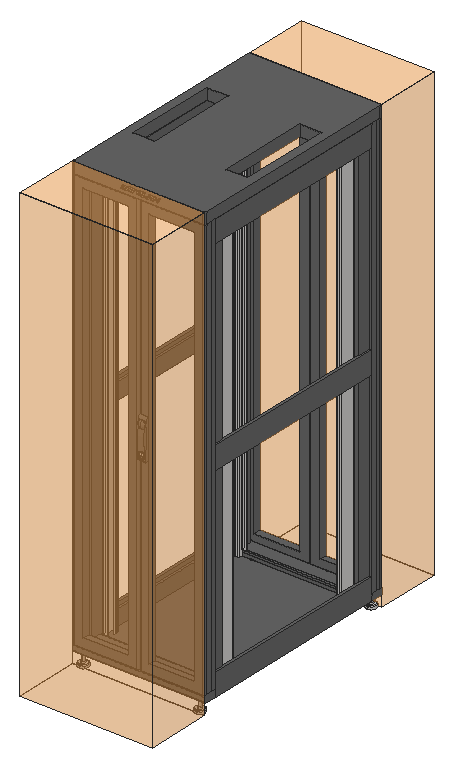
Revit family "Eurolan_Шкафы Rackcenter D9000", category Электрооборудование, Revit 2019 (continued)
Definition of nested family "in_Нижняя панель"
  Definition of nested family "in_Линии щеточного ввода"
    Automatic sketch dimensions
      curve 217 to curve 216 = 1.000 mm
      curve 216 to curve 215 = 1.000 mm
      curve 215 to curve 211 = 1.000 mm
      curve 211 to curve 212 = 1.000 mm
      curve 212 to curve 213 = 1.000 mm
      curve 213 to curve 214 = 1.000 mm
      curve 214 to curve 332 = 1.000 mm
      curve 332 to curve 333 = 1.000 mm
      curve 333 to curve 334 = 1.000 mm
      curve 334 to curve 335 = 1.000 mm
      curve 335 to curve 336 = 1.000 mm
      curve 336 to curve 337 = 1.000 mm
      curve 337 to curve 338 = 1.000 mm
      curve 338 to curve 339 = 1.000 mm
      curve 339 to curve 340 = 1.000 mm
      curve 340 to curve 341 = 1.000 mm
      curve 341 to curve 342 = 1.000 mm
      curve 342 to curve 343 = 1.000 mm
      curve 343 to curve 344 = 1.000 mm
      curve 344 to curve 345 = 1.000 mm
      curve 345 to curve 346 = 1.000 mm
      curve 346 to curve 347 = 1.000 mm
      curve 347 to curve 348 = 1.000 mm
      curve 348 to curve 349 = 1.000 mm
      curve 349 to curve 350 = 1.000 mm
      curve 350 to curve 351 = 1.000 mm
      curve 351 to curve 352 = 1.000 mm
      curve 352 to curve 353 = 1.000 mm
      curve 353 to curve 354 = 1.000 mm
      curve 354 to curve 355 = 1.000 mm
      curve 355 to curve 356 = 1.000 mm
      curve 356 to curve 357 = 1.000 mm
      curve 357 to curve 358 = 1.000 mm
      curve 358 to curve 359 = 1.000 mm
      curve 359 to curve 360 = 1.000 mm
      curve 360 to curve 361 = 1.000 mm
      curve 361 to curve 362 = 1.000 mm
      curve 362 to curve 363 = 1.000 mm
      curve 363 to curve 364 = 1.000 mm
      curve 364 to curve 365 = 1.000 mm
      curve 365 to curve 366 = 1.000 mm
      curve 366 to curve 367 = 1.000 mm
      curve 367 to curve 368 = 1.000 mm
      curve 368 to curve 369 = 1.000 mm
      curve 369 to curve 370 = 1.000 mm
      curve 370 to curve 371 = 1.000 mm
      curve 371 to curve 372 = 1.000 mm
      curve 372 to curve 373 = 1.000 mm
      curve 373 to curve 374 = 1.000 mm
      curve 374 to curve 375 = 1.000 mm
      curve 375 to curve 376 = 1.000 mm
      curve 376 to curve 377 = 1.000 mm
      curve 377 to curve 378 = 1.000 mm
      curve 378 to curve 379 = 1.000 mm
      curve 379 to curve 380 = 1.000 mm
      curve 380 to curve 381 = 1.000 mm
      curve 381 to curve 382 = 1.000 mm
      curve 382 to curve 383 = 1.000 mm
      curve 383 to curve 384 = 1.000 mm
      curve 384 to curve 385 = 1.000 mm
      curve 385 to curve 386 = 1.000 mm
      curve 386 to curve 387 = 1.000 mm
      curve 387 to curve 388 = 1.000 mm
      curve 388 to curve 389 = 1.000 mm
      curve 389 to curve 390 = 1.000 mm
      curve 390 to curve 391 = 1.000 mm
      curve 391 to curve 392 = 1.000 mm
      curve 392 to curve 393 = 1.000 mm
      curve 393 to curve 394 = 1.000 mm
      curve 394 to curve 395 = 1.000 mm
      curve 395 to curve 396 = 1.000 mm
      curve 396 to curve 397 = 1.000 mm
      curve 397 to curve 398 = 1.000 mm
      curve 398 to curve 399 = 1.000 mm
      curve 399 to curve 400 = 1.000 mm
      curve 400 to curve 401 = 1.000 mm
      curve 401 to curve 402 = 1.000 mm
      curve 402 to curve 403 = 1.000 mm
      curve 403 to curve 404 = 1.000 mm
      curve 404 to curve 405 = 1.000 mm
      curve 405 to curve 406 = 1.000 mm
      curve 406 to curve 407 = 1.000 mm
      curve 407 to curve 408 = 1.000 mm
      curve 408 to curve 409 = 1.000 mm
      curve 409 to curve 410 = 1.000 mm
      curve 410 to curve 411 = 1.000 mm
      curve 411 to curve 412 = 1.000 mm
      curve 412 to curve 413 = 1.000 mm
      curve 413 to curve 414 = 1.000 mm
      curve 414 to curve 415 = 1.000 mm
      curve 415 to curve 416 = 1.000 mm
      curve 416 to curve 417 = 1.000 mm
      curve 417 to curve 418 = 1.000 mm
      curve 418 to curve 419 = 1.000 mm
      plane 8 "x2" to curve 1 = 1.200 mm
      plane 8 "x2" to curve 417 = 1.200 mm
      curve 2 to curve 1 = 0.000 mm
      curve 416 to curve 417 = 0.000 mm  (x2)
      curve 3 to curve 2 = 0.000 mm  (x2)
      curve 415 to curve 416 = 0.000 mm  (x2)
      curve 4 to curve 3 = 0.000 mm  (x2)
      curve 414 to curve 415 = 0.000 mm  (x2)
      curve 1 to curve 5 = 0.000 mm  (x2)
      curve 413 to curve 414 = 0.000 mm  (x2)
      curve 5 to curve 6 = 0.000 mm  (x2)
      curve 412 to curve 413 = 0.000 mm  (x2)
      curve 6 to curve 7 = 0.000 mm  (x2)
      curve 411 to curve 412 = 0.000 mm  (x2)
      curve 7 to curve 8 = 0.000 mm  (x2)
      curve 410 to curve 411 = 0.000 mm  (x2)
      curve 8 to curve 9 = 0.000 mm  (x2)
      curve 409 to curve 410 = 0.000 mm  (x2)
      curve 9 to curve 10 = 0.000 mm  (x2)
      curve 408 to curve 409 = 0.000 mm  (x2)
      curve 10 to curve 11 = 0.000 mm  (x2)
      curve 407 to curve 408 = 0.000 mm  (x2)
      curve 11 to curve 12 = 0.000 mm  (x2)
      curve 406 to curve 407 = 0.000 mm  (x2)
      curve 12 to curve 13 = 0.000 mm  (x2)
      curve 405 to curve 406 = 0.000 mm  (x2)
      curve 13 to curve 14 = 0.000 mm  (x2)
      curve 404 to curve 405 = 0.000 mm  (x2)
      curve 14 to curve 15 = 0.000 mm  (x2)
      curve 403 to curve 404 = 0.000 mm  (x2)
      curve 15 to curve 16 = 0.000 mm  (x2)
      curve 402 to curve 403 = 0.000 mm  (x2)
      curve 16 to curve 17 = 0.000 mm  (x2)
      curve 401 to curve 402 = 0.000 mm  (x2)
      curve 17 to curve 18 = 0.000 mm  (x2)
      curve 400 to curve 401 = 0.000 mm  (x2)
      curve 18 to curve 19 = 0.000 mm  (x2)
      curve 399 to curve 400 = 0.000 mm  (x2)
      curve 19 to curve 20 = 0.000 mm  (x2)
      curve 398 to curve 399 = 0.000 mm  (x2)
      curve 20 to curve 21 = 0.000 mm  (x2)
      curve 397 to curve 398 = 0.000 mm  (x2)
      curve 21 to curve 22 = 0.000 mm  (x2)
      curve 396 to curve 397 = 0.000 mm  (x2)
      curve 22 to curve 23 = 0.000 mm  (x2)
      curve 395 to curve 396 = 0.000 mm  (x2)
      curve 23 to curve 24 = 0.000 mm  (x2)
      curve 394 to curve 395 = 0.000 mm  (x2)
      curve 24 to curve 25 = 0.000 mm  (x2)
      curve 393 to curve 394 = 0.000 mm  (x2)
      curve 25 to curve 26 = 0.000 mm  (x2)
      curve 392 to curve 393 = 0.000 mm  (x2)
      curve 26 to curve 27 = 0.000 mm  (x2)
      curve 391 to curve 392 = 0.000 mm  (x2)
      curve 27 to curve 28 = 0.000 mm  (x2)
      curve 390 to curve 391 = 0.000 mm  (x2)
      curve 28 to curve 29 = 0.000 mm  (x2)
      curve 389 to curve 390 = 0.000 mm  (x2)
      curve 29 to curve 30 = 0.000 mm  (x2)
      curve 388 to curve 389 = 0.000 mm  (x2)
      curve 30 to curve 31 = 0.000 mm  (x2)
      curve 387 to curve 388 = 0.000 mm  (x2)
      curve 31 to curve 32 = 0.000 mm  (x2)
      curve 386 to curve 387 = 0.000 mm  (x2)
      curve 32 to curve 33 = 0.000 mm  (x2)
      curve 385 to curve 386 = 0.000 mm  (x2)
      curve 33 to curve 34 = 0.000 mm  (x2)
      curve 384 to curve 385 = 0.000 mm  (x2)
      curve 34 to curve 35 = 0.000 mm  (x2)
      curve 383 to curve 384 = 0.000 mm  (x2)
      curve 35 to curve 36 = 0.000 mm  (x2)
      curve 382 to curve 383 = 0.000 mm  (x2)
      curve 36 to curve 37 = 0.000 mm  (x2)
      curve 381 to curve 382 = 0.000 mm  (x2)
      curve 37 to curve 38 = 0.000 mm  (x2)
      curve 380 to curve 381 = 0.000 mm  (x2)
      curve 38 to curve 39 = 0.000 mm  (x2)
      curve 379 to curve 380 = 0.000 mm  (x2)
      curve 39 to curve 40 = 0.000 mm  (x2)
      curve 378 to curve 379 = 0.000 mm  (x2)
      curve 40 to curve 41 = 0.000 mm  (x2)
      curve 377 to curve 378 = 0.000 mm  (x2)
      curve 41 to curve 42 = 0.000 mm  (x2)
      curve 376 to curve 377 = 0.000 mm  (x2)
      curve 42 to curve 43 = 0.000 mm  (x2)
      curve 375 to curve 376 = 0.000 mm  (x2)
      curve 43 to curve 44 = 0.000 mm  (x2)
      curve 374 to curve 375 = 0.000 mm  (x2)
      curve 44 to curve 45 = 0.000 mm  (x2)
      curve 373 to curve 374 = 0.000 mm  (x2)
      curve 45 to curve 46 = 0.000 mm  (x2)
      curve 372 to curve 373 = 0.000 mm  (x2)
      curve 46 to curve 47 = 0.000 mm  (x2)
      curve 371 to curve 372 = 0.000 mm  (x2)
      curve 47 to curve 48 = 0.000 mm  (x2)
      curve 370 to curve 371 = 0.000 mm  (x2)
      curve 48 to curve 49 = 0.000 mm  (x2)
      curve 369 to curve 370 = 0.000 mm  (x2)
      curve 49 to curve 50 = 0.000 mm  (x2)
      curve 368 to curve 369 = 0.000 mm  (x2)
      curve 50 to curve 51 = 0.000 mm  (x2)
      curve 367 to curve 368 = 0.000 mm  (x2)
      curve 51 to curve 52 = 0.000 mm  (x2)
      curve 366 to curve 367 = 0.000 mm  (x2)
      curve 52 to curve 53 = 0.000 mm  (x2)
      curve 365 to curve 366 = 0.000 mm  (x2)
      curve 53 to curve 54 = 0.000 mm  (x2)
      curve 364 to curve 365 = 0.000 mm  (x2)
      curve 54 to curve 55 = 0.000 mm  (x2)
      curve 363 to curve 364 = 0.000 mm  (x2)
      curve 55 to curve 56 = 0.000 mm  (x2)
      curve 362 to curve 363 = 0.000 mm  (x2)
      curve 56 to curve 57 = 0.000 mm  (x2)
      curve 361 to curve 362 = 0.000 mm  (x2)
      curve 57 to curve 58 = 0.000 mm  (x2)
      curve 360 to curve 361 = 0.000 mm  (x2)
      curve 58 to curve 59 = 0.000 mm  (x2)
      curve 359 to curve 360 = 0.000 mm  (x2)
      curve 59 to curve 60 = 0.000 mm  (x2)
      curve 358 to curve 359 = 0.000 mm  (x2)
      curve 60 to curve 61 = 0.000 mm  (x2)
      curve 357 to curve 358 = 0.000 mm  (x2)
      curve 61 to curve 62 = 0.000 mm  (x2)
      curve 356 to curve 357 = 0.000 mm  (x2)
      curve 62 to curve 63 = 0.000 mm  (x2)
      curve 355 to curve 356 = 0.000 mm  (x2)
      curve 63 to curve 64 = 0.000 mm  (x2)
      curve 354 to curve 355 = 0.000 mm  (x2)
      curve 64 to curve 65 = 0.000 mm  (x2)
      curve 353 to curve 354 = 0.000 mm  (x2)
      curve 65 to curve 66 = 0.000 mm  (x2)
      curve 352 to curve 353 = 0.000 mm  (x2)
      curve 66 to curve 67 = 0.000 mm  (x2)
      curve 351 to curve 352 = 0.000 mm  (x2)
      curve 67 to curve 68 = 0.000 mm  (x2)
      curve 350 to curve 351 = 0.000 mm  (x2)
      curve 68 to curve 69 = 0.000 mm  (x2)
      curve 349 to curve 350 = 0.000 mm  (x2)
      curve 69 to curve 70 = 0.000 mm  (x2)
      curve 348 to curve 349 = 0.000 mm  (x2)
      curve 70 to curve 71 = 0.000 mm  (x2)
      curve 347 to curve 348 = 0.000 mm  (x2)
      curve 71 to curve 72 = 0.000 mm  (x2)
      curve 346 to curve 347 = 0.000 mm  (x2)
      curve 72 to curve 73 = 0.000 mm  (x2)
      curve 345 to curve 346 = 0.000 mm  (x2)
      curve 73 to curve 74 = 0.000 mm  (x2)
      curve 344 to curve 345 = 0.000 mm  (x2)
      curve 74 to curve 75 = 0.000 mm  (x2)
      curve 343 to curve 344 = 0.000 mm  (x2)
      curve 75 to curve 76 = 0.000 mm  (x2)
      curve 342 to curve 343 = 0.000 mm  (x2)
      curve 76 to curve 77 = 0.000 mm  (x2)
      curve 341 to curve 342 = 0.000 mm  (x2)
      curve 77 to curve 78 = 0.000 mm  (x2)
      curve 340 to curve 341 = 0.000 mm  (x2)
      curve 78 to curve 79 = 0.000 mm  (x2)
      curve 339 to curve 340 = 0.000 mm  (x2)
      curve 79 to curve 80 = 0.000 mm  (x2)
      curve 338 to curve 339 = 0.000 mm  (x2)
      curve 80 to curve 81 = 0.000 mm  (x2)
      curve 337 to curve 338 = 0.000 mm  (x2)
      curve 81 to curve 82 = 0.000 mm  (x2)
      curve 336 to curve 337 = 0.000 mm  (x2)
      curve 82 to curve 83 = 0.000 mm  (x2)
      curve 335 to curve 336 = 0.000 mm  (x2)
      curve 83 to curve 84 = 0.000 mm  (x2)
      curve 334 to curve 335 = 0.000 mm  (x2)
      curve 84 to curve 85 = 0.000 mm  (x2)
      curve 333 to curve 334 = 0.000 mm  (x2)
      curve 85 to curve 86 = 0.000 mm  (x2)
      curve 332 to curve 333 = 0.000 mm  (x2)
      curve 86 to curve 87 = 0.000 mm  (x2)
      curve 87 to curve 88 = 0.000 mm  (x2)
      curve 88 to curve 89 = 0.000 mm  (x2)
      curve 331 to curve 330 = 0.000 mm  (x2)
      curve 89 to curve 90 = 0.000 mm  (x2)
      curve 330 to curve 329 = 0.000 mm  (x2)
      curve 90 to curve 91 = 0.000 mm  (x2)
      curve 329 to curve 328 = 0.000 mm  (x2)
      curve 91 to curve 92 = 0.000 mm  (x2)
      curve 328 to curve 327 = 0.000 mm  (x2)
      curve 92 to curve 93 = 0.000 mm  (x2)
      curve 327 to curve 326 = 0.000 mm  (x2)
      curve 93 to curve 94 = 0.000 mm  (x2)
      curve 326 to curve 325 = 0.000 mm  (x2)
      curve 94 to curve 95 = 0.000 mm  (x2)
      curve 325 to curve 324 = 0.000 mm  (x2)
      curve 95 to curve 96 = 0.000 mm  (x2)
      curve 324 to curve 323 = 0.000 mm  (x2)
      curve 96 to curve 97 = 0.000 mm  (x2)
      curve 323 to curve 322 = 0.000 mm  (x2)
      curve 97 to curve 98 = 0.000 mm  (x2)
      curve 322 to curve 321 = 0.000 mm  (x2)
      curve 98 to curve 99 = 0.000 mm  (x2)
      curve 321 to curve 320 = 0.000 mm  (x2)
      curve 99 to curve 100 = 0.000 mm  (x2)
      curve 320 to curve 319 = 0.000 mm  (x2)
      curve 100 to curve 101 = 0.000 mm  (x2)
      curve 319 to curve 318 = 0.000 mm  (x2)
      curve 101 to curve 102 = 0.000 mm  (x2)
      curve 318 to curve 317 = 0.000 mm  (x2)
      curve 102 to curve 103 = 0.000 mm  (x2)
      curve 317 to curve 316 = 0.000 mm  (x2)
      curve 103 to curve 104 = 0.000 mm  (x2)
      curve 316 to curve 315 = 0.000 mm  (x2)
      curve 104 to curve 105 = 0.000 mm  (x2)
      curve 315 to curve 314 = 0.000 mm  (x2)
      curve 105 to curve 106 = 0.000 mm  (x2)
      curve 314 to curve 313 = 0.000 mm  (x2)
      curve 106 to curve 107 = 0.000 mm  (x2)
      curve 313 to curve 312 = 0.000 mm  (x2)
      curve 107 to curve 108 = 0.000 mm  (x2)
      curve 312 to curve 311 = 0.000 mm  (x2)
      curve 108 to curve 109 = 0.000 mm  (x2)
      curve 311 to curve 310 = 0.000 mm  (x2)
      curve 109 to curve 110 = 0.000 mm  (x2)
      curve 310 to curve 309 = 0.000 mm  (x2)
      curve 110 to curve 111 = 0.000 mm  (x2)
      curve 309 to curve 308 = 0.000 mm  (x2)
      curve 111 to curve 112 = 0.000 mm  (x2)
      curve 308 to curve 307 = 0.000 mm  (x2)
      curve 112 to curve 113 = 0.000 mm  (x2)
      curve 307 to curve 306 = 0.000 mm  (x2)
      curve 113 to curve 114 = 0.000 mm  (x2)
      curve 306 to curve 305 = 0.000 mm  (x2)
      curve 114 to curve 115 = 0.000 mm  (x2)
      curve 305 to curve 304 = 0.000 mm  (x2)
      curve 115 to curve 116 = 0.000 mm  (x2)
      curve 304 to curve 303 = 0.000 mm  (x2)
      curve 116 to curve 117 = 0.000 mm  (x2)
      curve 303 to curve 302 = 0.000 mm  (x2)
      curve 117 to curve 118 = 0.000 mm  (x2)
      curve 302 to curve 301 = 0.000 mm  (x2)
      curve 118 to curve 119 = 0.000 mm  (x2)
      curve 301 to curve 300 = 0.000 mm  (x2)
      curve 119 to curve 120 = 0.000 mm  (x2)
      curve 300 to curve 299 = 0.000 mm  (x2)
      curve 120 to curve 121 = 0.000 mm  (x2)
      curve 299 to curve 298 = 0.000 mm  (x2)
      curve 298 to curve 297 = 0.000 mm  (x2)
      curve 123 to curve 4 = 0.000 mm  (x2)
      curve 297 to curve 296 = 0.000 mm  (x2)
      curve 124 to curve 123 = 0.000 mm  (x2)
      curve 296 to curve 295 = 0.000 mm  (x2)
      curve 125 to curve 124 = 0.000 mm  (x2)
      curve 295 to curve 294 = 0.000 mm  (x2)
      curve 126 to curve 125 = 0.000 mm  (x2)
      curve 294 to curve 293 = 0.000 mm  (x2)
      curve 127 to curve 126 = 0.000 mm  (x2)
      curve 293 to curve 292 = 0.000 mm  (x2)
      curve 128 to curve 127 = 0.000 mm  (x2)
      curve 292 to curve 291 = 0.000 mm  (x2)
      curve 129 to curve 128 = 0.000 mm  (x2)
      curve 291 to curve 290 = 0.000 mm  (x2)
      curve 130 to curve 129 = 0.000 mm  (x2)
      curve 290 to curve 289 = 0.000 mm  (x2)
      curve 131 to curve 130 = 0.000 mm  (x2)
      curve 289 to curve 288 = 0.000 mm  (x2)
      curve 132 to curve 131 = 0.000 mm  (x2)
      curve 288 to curve 287 = 0.000 mm  (x2)
      curve 133 to curve 132 = 0.000 mm  (x2)
      curve 287 to curve 286 = 0.000 mm  (x2)
      curve 134 to curve 133 = 0.000 mm  (x2)
      curve 286 to curve 285 = 0.000 mm  (x2)
      curve 135 to curve 134 = 0.000 mm  (x2)
      curve 285 to curve 284 = 0.000 mm  (x2)
      curve 136 to curve 135 = 0.000 mm  (x2)
      curve 284 to curve 283 = 0.000 mm  (x2)
      curve 137 to curve 136 = 0.000 mm  (x2)
      curve 283 to curve 282 = 0.000 mm  (x2)
      curve 138 to curve 137 = 0.000 mm  (x2)
      curve 282 to curve 281 = 0.000 mm  (x2)
      curve 139 to curve 138 = 0.000 mm  (x2)
      curve 281 to curve 280 = 0.000 mm  (x2)
      curve 140 to curve 139 = 0.000 mm  (x2)
      curve 280 to curve 279 = 0.000 mm  (x2)
      curve 141 to curve 140 = 0.000 mm  (x2)
      curve 279 to curve 278 = 0.000 mm  (x2)
      curve 142 to curve 141 = 0.000 mm  (x2)
      curve 278 to curve 277 = 0.000 mm  (x2)
      curve 143 to curve 142 = 0.000 mm  (x2)
      curve 277 to curve 276 = 0.000 mm  (x2)
      curve 144 to curve 143 = 0.000 mm  (x2)
      curve 276 to curve 275 = 0.000 mm  (x2)
      curve 145 to curve 144 = 0.000 mm  (x2)
      curve 275 to curve 274 = 0.000 mm  (x2)
      curve 146 to curve 145 = 0.000 mm  (x2)
      curve 274 to curve 273 = 0.000 mm  (x2)
      curve 147 to curve 146 = 0.000 mm  (x2)
      curve 273 to curve 272 = 0.000 mm  (x2)
      curve 148 to curve 147 = 0.000 mm  (x2)
      curve 272 to curve 271 = 0.000 mm  (x2)
      curve 149 to curve 148 = 0.000 mm  (x2)
      curve 271 to curve 270 = 0.000 mm  (x2)
      curve 150 to curve 149 = 0.000 mm  (x2)
      curve 270 to curve 269 = 0.000 mm  (x2)
      curve 151 to curve 150 = 0.000 mm  (x2)
      curve 269 to curve 268 = 0.000 mm  (x2)
      curve 152 to curve 151 = 0.000 mm  (x2)
      curve 268 to curve 267 = 0.000 mm  (x2)
      curve 153 to curve 152 = 0.000 mm  (x2)
      curve 267 to curve 266 = 0.000 mm  (x2)
      curve 154 to curve 153 = 0.000 mm  (x2)
      curve 266 to curve 265 = 0.000 mm  (x2)
      curve 155 to curve 154 = 0.000 mm  (x2)
      curve 265 to curve 264 = 0.000 mm  (x2)
      curve 156 to curve 155 = 0.000 mm  (x2)
      curve 264 to curve 263 = 0.000 mm  (x2)
      curve 157 to curve 156 = 0.000 mm  (x2)
      curve 263 to curve 262 = 0.000 mm  (x2)
      curve 158 to curve 157 = 0.000 mm  (x2)
      curve 262 to curve 261 = 0.000 mm  (x2)
      curve 159 to curve 158 = 0.000 mm  (x2)
      curve 261 to curve 260 = 0.000 mm  (x2)
      curve 160 to curve 159 = 0.000 mm  (x2)
      curve 260 to curve 259 = 0.000 mm  (x2)
      curve 161 to curve 160 = 0.000 mm  (x2)
      curve 259 to curve 258 = 0.000 mm  (x2)
      curve 162 to curve 161 = 0.000 mm  (x2)
      curve 258 to curve 257 = 0.000 mm  (x2)
      curve 163 to curve 162 = 0.000 mm  (x2)
      curve 257 to curve 256 = 0.000 mm  (x2)
      curve 164 to curve 163 = 0.000 mm  (x2)
      curve 256 to curve 255 = 0.000 mm  (x2)
      curve 165 to curve 164 = 0.000 mm  (x2)
      curve 255 to curve 254 = 0.000 mm  (x2)
      curve 166 to curve 165 = 0.000 mm  (x2)
      curve 254 to curve 253 = 0.000 mm  (x2)
      curve 167 to curve 166 = 0.000 mm  (x2)
      curve 253 to curve 252 = 0.000 mm  (x2)
      curve 168 to curve 167 = 0.000 mm  (x2)
      curve 252 to curve 251 = 0.000 mm  (x2)
      curve 169 to curve 168 = 0.000 mm  (x2)
      curve 251 to curve 250 = 0.000 mm  (x2)
      curve 170 to curve 169 = 0.000 mm  (x2)
      curve 250 to curve 249 = 0.000 mm  (x2)
      curve 171 to curve 170 = 0.000 mm  (x2)
      curve 249 to curve 248 = 0.000 mm  (x2)
      curve 172 to curve 171 = 0.000 mm  (x2)
      curve 248 to curve 247 = 0.000 mm  (x2)
      curve 173 to curve 172 = 0.000 mm  (x2)
      curve 247 to curve 246 = 0.000 mm  (x2)
      curve 174 to curve 173 = 0.000 mm  (x2)
      curve 246 to curve 245 = 0.000 mm  (x2)
      curve 175 to curve 174 = 0.000 mm  (x2)
      curve 245 to curve 244 = 0.000 mm  (x2)
      curve 176 to curve 175 = 0.000 mm  (x2)
      curve 244 to curve 243 = 0.000 mm  (x2)
      curve 177 to curve 176 = 0.000 mm  (x2)
      curve 243 to curve 242 = 0.000 mm  (x2)
      curve 178 to curve 177 = 0.000 mm  (x2)
      curve 242 to curve 241 = 0.000 mm  (x2)
      curve 179 to curve 178 = 0.000 mm  (x2)
      curve 241 to curve 240 = 0.000 mm  (x2)
      curve 180 to curve 179 = 0.000 mm  (x2)
      curve 240 to curve 239 = 0.000 mm  (x2)
      curve 181 to curve 180 = 0.000 mm  (x2)
      curve 239 to curve 238 = 0.000 mm  (x2)
      curve 182 to curve 181 = 0.000 mm  (x2)
      curve 238 to curve 237 = 0.000 mm  (x2)
      curve 183 to curve 182 = 0.000 mm  (x2)
      curve 237 to curve 236 = 0.000 mm  (x2)
      curve 184 to curve 183 = 0.000 mm  (x2)
      curve 236 to curve 235 = 0.000 mm  (x2)
      curve 185 to curve 184 = 0.000 mm  (x2)
      curve 235 to curve 234 = 0.000 mm  (x2)
      curve 186 to curve 185 = 0.000 mm  (x2)
      curve 234 to curve 233 = 0.000 mm  (x2)
      curve 187 to curve 186 = 0.000 mm  (x2)
      curve 233 to curve 232 = 0.000 mm  (x2)
      curve 188 to curve 187 = 0.000 mm  (x2)
      curve 232 to curve 231 = 0.000 mm  (x2)
      curve 189 to curve 188 = 0.000 mm  (x2)
      curve 231 to curve 230 = 0.000 mm  (x2)
      curve 190 to curve 189 = 0.000 mm  (x2)
      curve 230 to curve 229 = 0.000 mm  (x2)
      curve 191 to curve 190 = 0.000 mm  (x2)
      curve 229 to curve 228 = 0.000 mm  (x2)
      curve 192 to curve 191 = 0.000 mm  (x2)
      curve 228 to curve 227 = 0.000 mm  (x2)
      curve 193 to curve 192 = 0.000 mm  (x2)
      curve 227 to curve 226 = 0.000 mm  (x2)
      curve 194 to curve 193 = 0.000 mm  (x2)
      curve 226 to curve 225 = 0.000 mm  (x2)
      curve 195 to curve 194 = 0.000 mm  (x2)
      curve 225 to curve 224 = 0.000 mm  (x2)
      curve 196 to curve 195 = 0.000 mm  (x2)
      curve 224 to curve 223 = 0.000 mm  (x2)
      curve 197 to curve 196 = 0.000 mm  (x2)
      curve 223 to curve 222 = 0.000 mm  (x2)
      curve 198 to curve 197 = 0.000 mm  (x2)
      curve 222 to curve 221 = 0.000 mm  (x2)
      curve 199 to curve 198 = 0.000 mm  (x2)
      curve 221 to curve 220 = 0.000 mm  (x2)
      curve 200 to curve 199 = 0.000 mm  (x2)
      curve 220 to curve 219 = 0.000 mm  (x2)
      curve 201 to curve 200 = 0.000 mm  (x2)
      curve 219 to curve 218 = 0.000 mm  (x2)
      curve 202 to curve 201 = 0.000 mm  (x2)
      curve 218 to curve 217 = 0.000 mm  (x2)
      curve 203 to curve 202 = 0.000 mm  (x2)
      curve 217 to curve 216 = 0.000 mm  (x2)
      curve 204 to curve 203 = 0.000 mm  (x2)
      curve 216 to curve 215 = 0.000 mm  (x2)
      curve 205 to curve 204 = 0.000 mm  (x2)
      curve 214 to curve 332 = 0.000 mm  (x2)
      curve 206 to curve 205 = 0.000 mm  (x2)
      curve 213 to curve 214 = 0.000 mm  (x2)
      curve 207 to curve 206 = 0.000 mm  (x2)
      curve 212 to curve 213 = 0.000 mm  (x2)
      curve 208 to curve 207 = 0.000 mm  (x2)
      curve 215 to curve 211 = 0.000 mm  (x2)
      curve 209 to curve 208 = 0.000 mm  (x2)
      curve 210 to curve 209 = 0.000 mm  (x2)
      curve 417 to curve 418 = 0.000 mm  (x2)
      curve 211 to plane 7 "x1" = 1.200 mm
      curve 209 to plane 7 "x1" = 1.200 mm
      curve 211 to curve 212 = 0.000 mm
      curve 122 to plane 7 "x1" = 1.200 mm
      curve 121 to curve 122 = 0.000 mm  (x2)
      curve 418 to curve 419 = 0.000 mm
      plane 3 "По центру (Влево/Вправо)" to curve 331 = 1.000 mm
      plane 8 "x2" to curve 331 = 1.200 mm
Definition of nested family "in_Крыша"
  Parameters (values of type "in_Крыша")
    ADSK_Размер_Ширина [instance] = 600.000 mm
    ADSK_Размер_Глубина [instance] = 1000.000 mm
    ADSK_Размер_Высота [instance] = 2320.000 mm
    ADSK_Материал = none
  Reference planes
    plane 1 "По центру (Вперед/Назад)": y = 0
    plane 2: z = 0
    plane 3 "По центру (Влево/Вправо)": x = 0
    plane 4: x = -300
    plane 5: x = 300
    plane 6: z = 2320
    plane 7: y = 500
    plane 8: y = -500
  Forms (mm)
    Extrusion 1, solid
      sketch origin (-4.287, -139.142, 0) x (1, 0, 0) y (0, 0, 1)
        loop
          line (-274.571, 364.937) -> (-274.571, 214.937) -> (-248.571, 214.937) -> (-248.571, 364.937) -> (-274.571, 364.937)
      from 0 to 3
    Extrusion 2, solid
      sketch origin (0, -142.142, 0) x (1, 0, 0) y (0, 0, 1)
        loop
          arc (-266.858, 362.937) -> (-272.515, 360.593) -> (-274.858, 354.937) r 8
          line (-274.858, 354.937) -> (-274.858, 224.937) -> (-273.858, 224.937) -> (-273.858, 262.937) -> (-257.858, 262.937) -> (-257.858, 224.937) -> (-256.858, 224.937) -> (-256.858, 354.937)
          arc (-256.858, 354.937) -> (-259.201, 360.593) -> (-264.858, 362.937) r 8
          line (-264.858, 362.937) -> (-266.858, 362.937)
      from 0 to 2
    Extrusion 3, solid, material <- "ADSK_Материал"
      sketch origin (0, 0, 2127) x (1, 0, 0) y (0, 1, 0)
        loop
          arc (-290, 500) -> (-297.071, 497.071) -> (-300, 490) r 10
          line (-300, 490) -> (-300, -490)
          arc (-300, -490) -> (-297.071, -497.071) -> (-290, -500) r 10
          line (-290, -500) -> (290, -500)
          arc (290, -500) -> (297.071, -497.071) -> (300, -490) r 10
          line (300, -490) -> (300, 490)
          arc (300, 490) -> (297.071, 497.071) -> (290, 500) r 10
          line (290, 500) -> (-290, 500)
        loop
          line (-260, 210) -> (-260, -210) -> (-161.998, -210) -> (-161.998, 210) -> (-260, 210)
        loop
          line (260, 210) -> (161.998, 210) -> (161.998, -210) -> (260, -210) -> (260, 210)
      from 143 to 193
  Lines and regions (mm)
    model lines
      curve 1: line (-268.499, 447.064, 0) -> (-155.499, 447.064, 0)
      curve 2: line (-268.499, 306.064, 0) -> (-268.499, 447.064, 0)
      curve 3: line (-155.499, 306.064, 0) -> (-268.499, 306.064, 0)
      curve 4: line (-155.499, 447.064, 0) -> (-155.499, 306.064, 0)
      curve 5: line (-158.499, 309.064, 0) -> (-265.499, 309.064, 0)
      curve 6: line (-158.499, 444.064, 0) -> (-158.499, 309.064, 0)
      curve 7: line (-265.499, 444.064, 0) -> (-158.499, 444.064, 0)
      curve 8: line (-265.499, 309.064, 0) -> (-265.499, 444.064, 0)
      curve 9: line (-268, 447, 2320) -> (-155, 447, 2320)
      curve 10: line (-268, 306, 2320) -> (-268, 447, 2320)
      curve 11: line (-155, 306, 2320) -> (-268, 306, 2320)
      curve 12: line (-155, 447, 2320) -> (-155, 306, 2320)
      curve 13: line (-158, 309, 2320) -> (-265, 309, 2320)
      curve 14: line (-158, 444, 2320) -> (-158, 309, 2320)
      curve 15: line (-265, 444, 2320) -> (-158, 444, 2320)
      curve 16: line (-265, 309, 2320) -> (-265, 444, 2320)
      curve 17: line (268, 447, 2320) -> (155, 447, 2320)
      curve 18: line (268, 306, 2320) -> (268, 447, 2320)
      curve 19: line (155, 306, 2320) -> (268, 306, 2320)
      curve 20: line (155, 447, 2320) -> (155, 306, 2320)
      curve 21: line (158, 309, 2320) -> (265, 309, 2320)
      curve 22: line (158, 444, 2320) -> (158, 309, 2320)
      curve 23: line (265, 444, 2320) -> (158, 444, 2320)
      curve 24: line (265, 309, 2320) -> (265, 444, 2320)
      curve 25: line (-268, -447, 2320) -> (-155, -447, 2320)
      curve 26: line (-268, -306, 2320) -> (-268, -447, 2320)
      curve 27: line (-155, -306, 2320) -> (-268, -306, 2320)
      curve 28: line (-155, -447, 2320) -> (-155, -306, 2320)
      curve 29: line (-158, -309, 2320) -> (-265, -309, 2320)
      curve 30: line (-158, -444, 2320) -> (-158, -309, 2320)
      curve 31: line (-265, -444, 2320) -> (-158, -444, 2320)
      curve 32: line (-265, -309, 2320) -> (-265, -444, 2320)
      curve 33: line (268, -447, 2320) -> (155, -447, 2320)
      curve 34: line (268, -306, 2320) -> (268, -447, 2320)
      curve 35: line (155, -306, 2320) -> (268, -306, 2320)
      curve 36: line (155, -447, 2320) -> (155, -306, 2320)
      curve 37: line (158, -309, 2320) -> (265, -309, 2320)
      curve 38: line (158, -444, 2320) -> (158, -309, 2320)
      curve 39: line (265, -444, 2320) -> (158, -444, 2320)
      curve 40: line (265, -309, 2320) -> (265, -444, 2320)
  Dimensions and locks
    locked: Extrusion 1 sketch curve to Extrusion 1 sketch curve at 150
    locked: Extrusion 1 sketch curve to Extrusion 1 sketch curve at 26
    equal spacing: plane 4, plane 3 "По центру (Влево/Вправо)", plane 5
    "ADSK_Размер_Ширина": plane 4 to plane 5
    equal spacing: plane 8, plane 1 "По центру (Вперед/Назад)", plane 7
    "ADSK_Размер_Глубина": plane 8 to plane 7
    locked: Extrusion 3 sketch curve to Extrusion 3 sketch curve at 98.002  (x2)
    "ADSK_Размер_Высота": plane 6 to plane 2
    locked: Extrusion 3 to Extrusion 3 at 50
    locked: plane 4 to nested 1 at 40
    locked: nested 2 to plane 5 at 40
    locked: plane 1 "По центру (Вперед/Назад)" to nested 2 at 210
    locked: plane 1 "По центру (Вперед/Назад)" to nested 1 at 210
    locked: plane 6 to nested 3 at 25
    equal spacing: plane 4, nested 3, plane 5
    equal spacing: plane 4, nested 4, plane 5
    locked: nested 4 to plane 6 at 25
    locked: curve 9 to plane 7 at 53
    locked: curve 17 to plane 7 at 53
    locked: plane 4 to curve 10 at 32
    locked: curve 18 to plane 5 at 32
    locked: curve 25 to plane 8 at 53
    locked: curve 33 to plane 8 at 53
    locked: plane 4 to curve 26 at 32
    locked: curve 34 to plane 5 at 32
    aligned and locked: level to plane 2
    aligned and locked: plane 6 to nested 1
    aligned and locked: plane 6 to nested 2
    aligned and locked: plane 6 to Extrusion 3
    aligned and locked: curve 31 to plane 6
    aligned and locked: plane 6 to curve 13
    aligned and locked: plane 6 to curve 39
    aligned and locked: curve 21 to plane 6
  Automatic sketch dimensions
    Extrusion 3 sketch curve to plane 4 = 0.000 mm
    Extrusion 3 sketch curve to plane 8 = 0.000 mm
    plane 7 to Extrusion 3 sketch curve = 0.000 mm
    Extrusion 3 sketch curve to plane 5 = 0.000 mm
    Extrusion 3 sketch curve to plane 4 = 10.000 mm
    Extrusion 3 sketch curve to Extrusion 3 sketch curve = 10.000 mm
    Extrusion 3 sketch curve to plane 4 = 40.000 mm
    plane 5 to Extrusion 3 sketch curve = 138.002 mm
    plane 5 to Extrusion 3 sketch curve = 10.000 mm  (x2)
    plane 1 "По центру (Вперед/Назад)" to Extrusion 3 sketch curve = 210.000 mm  (x2)
    Extrusion 3 sketch curve to plane 1 "По центру (Вперед/Назад)" = 210.000 mm  (x2)
  Nested families
    nested 1: "in_Линии щеточного ввода" at (-211, 0, 2308) x (0, 1, 0) z (0, 0, 1), type "in_Линии щеточного ввода"
    nested 2: "in_Линии щеточного ввода" at (211, 0, 2308) x (0, 1, 0) z (0, 0, 1), type "in_Линии щеточного ввода"
    nested 3: "in_Логотип" at (0, -500, 2295) x (1, 0, 0) z (0, -1, 0), type "in_Логотип"
    nested 4: "in_Логотип" at (0, 500, 2295) x (-1, 0, 0) z (0, 1, 0), type "in_Логотип"
  Definition of nested family "in_Логотип"
    Parameters (values of type "in_Логотип")
      Default Elevation = 1219.200 mm
    Reference planes
      plane 1 "По центру (Вперед/Назад)": y = 0
      plane 2: z = 0
      plane 3 "По центру (Влево/Вправо)": x = 0
    Forms (mm)
      Extrusion 1, solid
        sketch origin (0, 0, 0) x (1, 0, 0) y (0, 1, 0)
          loop
            line (-1219.2, 1219.2) -> (-1219.2, -1219.2) -> (1219.2, -1219.2) -> (1219.2, 1219.2) -> (-1219.2, 1219.2)
        from 0 to -304.8
      Extrusion 2, solid
        sketch origin (-0.938, 0, 0) x (1, 0, 0) y (0, 1, 0)
          loop
            arc (-70.059, 8.58) -> (-72.037, 8.057) -> (-73.497, 6.625) r 4
            line (-73.497, 6.625) -> (-80.501, -5.144)
            arc (-80.501, -5.144) -> (-80.636, -6.518) -> (-79.665, -7.5) r 1.625
            line (-79.665, -7.5) -> (-60.911, -7.5)
            arc (-60.911, -7.5) -> (-58.931, -6.68) -> (-58.111, -4.7) r 2.8
            line (-58.111, -4.7) -> (-73.006, -4.7)
            arc (-73.006, -4.7) -> (-73.811, -3.872) -> (-73.678, -2.725) r 1.346
            line (-73.678, -2.725) -> (-72.531, -0.889) -> (-59.475, -0.889)
            arc (-59.475, -0.889) -> (-57.423, -0.08) -> (-56.473, 1.911) r 3.009
            line (-56.473, 1.911) -> (-70.781, 1.911) -> (-68.888, 4.94)
            arc (-68.888, 4.94) -> (-68.446, 5.444) -> (-67.866, 5.78) r 2.074
            line (-67.866, 5.78) -> (-52.866, 5.78)
            arc (-52.866, 5.78) -> (-50.864, 6.596) -> (-50.003, 8.58) r 2.864
            line (-50.003, 8.58) -> (-70.059, 8.58)
          loop
            arc (-56.199, -5.925) -> (-56.25, -6.904) -> (-55.471, -7.5) r 1.052
            line (-55.471, -7.5) -> (-36.538, -7.5)
            arc (-36.538, -7.5) -> (-34.983, -6.776) -> (-33.831, -5.505) r 4.331
            line (-33.831, -5.505) -> (-26.349, 7.068)
            arc (-26.349, 7.068) -> (-26.339, 8.074) -> (-27.209, 8.58) r 1
            line (-27.209, 8.58) -> (-30.965, 8.58) -> (-38.306, -3.725)
            arc (-38.306, -3.725) -> (-39.036, -4.439) -> (-40.023, -4.7) r 2
            line (-40.023, -4.7) -> (-48.19, -4.7)
            arc (-48.19, -4.7) -> (-48.974, -4.155) -> (-48.938, -3.2) r 0.995
            line (-48.938, -3.2) -> (-42.881, 6.938)
            arc (-42.881, 6.938) -> (-42.869, 8.03) -> (-43.813, 8.58) r 1.085
            line (-43.813, 8.58) -> (-47.568, 8.58) -> (-56.199, -5.925)
          loop
            arc (-31.262, -5.988) -> (-31.273, -6.994) -> (-30.403, -7.5) r 1
            line (-30.403, -7.5) -> (-26.413, -7.5) -> (-18.51, 5.78) -> (-6.227, 5.78)
            arc (-6.227, 5.78) -> (-4.247, 6.6) -> (-3.427, 8.58) r 2.8
            line (-3.427, 8.58) -> (-20.299, 8.58)
            arc (-20.299, 8.58) -> (-22.275, 8.058) -> (-23.735, 6.629) r 4
            line (-23.735, 6.629) -> (-31.262, -5.988)
          loop
            arc (-9.854, -5.233) -> (-9.869, -6.742) -> (-8.565, -7.5) r 1.5
            line (-8.565, -7.5) -> (9.16, -7.5)
            arc (9.16, -7.5) -> (11.137, -6.977) -> (12.597, -5.546) r 4
            line (12.597, -5.546) -> (19.654, 6.313)
            arc (19.654, 6.313) -> (19.669, 7.821) -> (18.365, 8.58) r 1.5
            line (18.365, 8.58) -> (15.425, 8.58) -> (4.058, 8.58) -> (-1.635, 8.58) -> (-9.854, -5.233)
          loop
            arc (-2.945, -3.189) -> (-2.955, -4.194) -> (-2.085, -4.7) r 1
            line (-2.085, -4.7) -> (6.385, -4.7)
            arc (6.385, -4.7) -> (7.374, -4.439) -> (8.104, -3.723) r 2
            line (8.104, -3.723) -> (12.859, 4.268)
            arc (12.859, 4.268) -> (12.869, 5.274) -> (12, 5.78) r 1
            line (12, 5.78) -> (3.529, 5.78)
            arc (3.529, 5.78) -> (2.541, 5.518) -> (1.811, 4.803) r 2
            line (1.811, 4.803) -> (-2.945, -3.189)
          loop
            arc (15.418, -5.233) -> (15.403, -6.742) -> (16.707, -7.5) r 1.5
            line (16.707, -7.5) -> (34.762, -7.5)
            arc (34.762, -7.5) -> (36.742, -6.68) -> (37.562, -4.7) r 2.8
            line (37.562, -4.7) -> (23.188, -4.7)
            arc (23.188, -4.7) -> (22.319, -4.194) -> (22.329, -3.189) r 1
            line (22.329, -3.189) -> (28.432, 7.068)
            arc (28.432, 7.068) -> (28.442, 8.074) -> (27.573, 8.58) r 1
            line (27.573, 8.58) -> (23.637, 8.58) -> (15.418, -5.233)
          loop
            arc (39.067, -5.989) -> (39.057, -6.994) -> (39.926, -7.5) r 1
            line (39.926, -7.5) -> (43.797, -7.5) -> (47.732, -0.889) -> (59.166, -0.889) -> (56.131, -5.989)
            arc (56.131, -5.989) -> (56.121, -6.994) -> (56.99, -7.5) r 1
            line (56.99, -7.5) -> (60.951, -7.5) -> (69.17, 6.313)
            arc (69.17, 6.313) -> (69.185, 7.821) -> (67.881, 8.58) r 1.5
            line (67.881, 8.58) -> (50.011, 8.58)
            arc (50.011, 8.58) -> (48.034, 8.057) -> (46.573, 6.625) r 4
            line (46.573, 6.625) -> (39.067, -5.989)
          loop
            arc (64.845, -5.989) -> (64.835, -6.994) -> (65.704, -7.5) r 1
            line (65.704, -7.5) -> (69.565, -7.5) -> (76.475, 4.112) -> (81.381, -6.907)
            arc (81.381, -6.907) -> (81.75, -7.339) -> (82.294, -7.5) r 1
            line (82.294, -7.5) -> (86.223, -7.5) -> (94.892, 7.068)
            arc (94.892, 7.068) -> (94.902, 8.074) -> (94.033, 8.58) r 1
            line (94.033, 8.58) -> (90.21, 8.58) -> (83.245, -3.124) -> (78.299, 7.986)
            arc (78.299, 7.986) -> (77.93, 8.418) -> (77.385, 8.58) r 1
            line (77.385, 8.58) -> (73.514, 8.58) -> (64.845, -5.989)
          loop
            arc (52.269, 5.78) -> (51.774, 5.649) -> (51.409, 5.291) r 1
            line (51.409, 5.291) -> (49.398, 1.911) -> (60.263, 1.911)
            arc (60.263, 1.911) -> (60.758, 2.042) -> (61.123, 2.4) r 1
            line (61.123, 2.4) -> (62.235, 4.268)
            arc (62.235, 4.268) -> (62.245, 5.274) -> (61.375, 5.78) r 1
            line (61.375, 5.78) -> (52.269, 5.78)
        from 0 to 2
    Dimensions and locks
      aligned and locked: plane 2 to Extrusion 1
      aligned and locked: level to Extrusion 1
  Definition of nested family "in_Линии щеточного ввода"
    Parameters (values of type "in_Линии щеточного ввода")
      URL = ""
      ADSK_Размер_Ширина = 420.000 mm
      ADSK_Размер_Высота = 98.000 mm
      ADSK_Материал = none
    Reference planes
      plane 1 "По центру (Вперед/Назад)": y = 0
      plane 2: z = 0
      plane 3 "По центру (Влево/Вправо)": x = 0
      plane 4 "l1": x = 210
      plane 5 "r1": x = -210
      plane 6 "cc": z = 12
      plane 7 "x1": y = 49
      plane 8 "x2": y = -49
    Lines and regions (mm)
      model lines, detail levels fine
        curve 1: line (-118, 47.8, 9.8) -> (-118, -47.8, 9.8)
        curve 2: line (-119, 47.8, 9.8) -> (-119, -47.8, 9.8)
        curve 3: line (-120, 47.8, 9.8) -> (-120, -47.8, 9.8)
        curve 4: line (-121, 47.8, 9.8) -> (-121, -47.8, 9.8)
        curve 5: line (-117, 47.8, 9.8) -> (-117, -47.8, 9.8)
        curve 6: line (-116, 47.8, 9.8) -> (-116, -47.8, 9.8)
        curve 7: line (-115, 47.8, 9.8) -> (-115, -47.8, 9.8)
        curve 8: line (-114, 47.8, 9.8) -> (-114, -47.8, 9.8)
        curve 9: line (-113, 47.8, 9.8) -> (-113, -47.8, 9.8)
        curve 10: line (-112, 47.8, 9.8) -> (-112, -47.8, 9.8)
        curve 11: line (-111, 47.8, 9.8) -> (-111, -47.8, 9.8)
        curve 12: line (-110, 47.8, 9.8) -> (-110, -47.8, 9.8)
        curve 13: line (-109, 47.8, 9.8) -> (-109, -47.8, 9.8)
        curve 14: line (-108, 47.8, 9.8) -> (-108, -47.8, 9.8)
        curve 15: line (-107, 47.8, 9.8) -> (-107, -47.8, 9.8)
        curve 16: line (-106, 47.8, 9.8) -> (-106, -47.8, 9.8)
        curve 17: line (-105, 47.8, 9.8) -> (-105, -47.8, 9.8)
        curve 18: line (-104, 47.8, 9.8) -> (-104, -47.8, 9.8)
        curve 19: line (-103, 47.8, 9.8) -> (-103, -47.8, 9.8)
        curve 20: line (-102, 47.8, 9.8) -> (-102, -47.8, 9.8)
        curve 21: line (-101, 47.8, 9.8) -> (-101, -47.8, 9.8)
        curve 22: line (-100, 47.8, 9.8) -> (-100, -47.8, 9.8)
        curve 23: line (-99, 47.8, 9.8) -> (-99, -47.8, 9.8)
        curve 24: line (-98, 47.8, 9.8) -> (-98, -47.8, 9.8)
        curve 25: line (-97, 47.8, 9.8) -> (-97, -47.8, 9.8)
        curve 26: line (-96, 47.8, 9.8) -> (-96, -47.8, 9.8)
        curve 27: line (-95, 47.8, 9.8) -> (-95, -47.8, 9.8)
        curve 28: line (-94, 47.8, 9.8) -> (-94, -47.8, 9.8)
        curve 29: line (-93, 47.8, 9.8) -> (-93, -47.8, 9.8)
        curve 30: line (-92, 47.8, 9.8) -> (-92, -47.8, 9.8)
        curve 31: line (-91, 47.8, 9.8) -> (-91, -47.8, 9.8)
        curve 32: line (-90, 47.8, 9.8) -> (-90, -47.8, 9.8)
        curve 33: line (-89, 47.8, 9.8) -> (-89, -47.8, 9.8)
        curve 34: line (-88, 47.8, 9.8) -> (-88, -47.8, 9.8)
        curve 35: line (-87, 47.8, 9.8) -> (-87, -47.8, 9.8)
        curve 36: line (-86, 47.8, 9.8) -> (-86, -47.8, 9.8)
        curve 37: line (-85, 47.8, 9.8) -> (-85, -47.8, 9.8)
        curve 38: line (-84, 47.8, 9.8) -> (-84, -47.8, 9.8)
        curve 39: line (-83, 47.8, 9.8) -> (-83, -47.8, 9.8)
        curve 40: line (-82, 47.8, 9.8) -> (-82, -47.8, 9.8)
        curve 41: line (-81, 47.8, 9.8) -> (-81, -47.8, 9.8)
        curve 42: line (-80, 47.8, 9.8) -> (-80, -47.8, 9.8)
        curve 43: line (-79, 47.8, 9.8) -> (-79, -47.8, 9.8)
        curve 44: line (-78, 47.8, 9.8) -> (-78, -47.8, 9.8)
        curve 45: line (-77, 47.8, 9.8) -> (-77, -47.8, 9.8)
        curve 46: line (-76, 47.8, 9.8) -> (-76, -47.8, 9.8)
        curve 47: line (-75, 47.8, 9.8) -> (-75, -47.8, 9.8)
        curve 48: line (-74, 47.8, 9.8) -> (-74, -47.8, 9.8)
        curve 49: line (-73, 47.8, 9.8) -> (-73, -47.8, 9.8)
        curve 50: line (-72, 47.8, 9.8) -> (-72, -47.8, 9.8)
        curve 51: line (-71, 47.8, 9.8) -> (-71, -47.8, 9.8)
        curve 52: line (-70, 47.8, 9.8) -> (-70, -47.8, 9.8)
        curve 53: line (-69, 47.8, 9.8) -> (-69, -47.8, 9.8)
        curve 54: line (-68, 47.8, 9.8) -> (-68, -47.8, 9.8)
        curve 55: line (-67, 47.8, 9.8) -> (-67, -47.8, 9.8)
        curve 56: line (-66, 47.8, 9.8) -> (-66, -47.8, 9.8)
        curve 57: line (-65, 47.8, 9.8) -> (-65, -47.8, 9.8)
        curve 58: line (-64, 47.8, 9.8) -> (-64, -47.8, 9.8)
        curve 59: line (-63, 47.8, 9.8) -> (-63, -47.8, 9.8)
        curve 60: line (-62, 47.8, 9.8) -> (-62, -47.8, 9.8)
        curve 61: line (-61, 47.8, 9.8) -> (-61, -47.8, 9.8)
        curve 62: line (-60, 47.8, 9.8) -> (-60, -47.8, 9.8)
        curve 63: line (-59, 47.8, 9.8) -> (-59, -47.8, 9.8)
        curve 64: line (-58, 47.8, 9.8) -> (-58, -47.8, 9.8)
        curve 65: line (-57, 47.8, 9.8) -> (-57, -47.8, 9.8)
        curve 66: line (-56, 47.8, 9.8) -> (-56, -47.8, 9.8)
        curve 67: line (-55, 47.8, 9.8) -> (-55, -47.8, 9.8)
        curve 68: line (-54, 47.8, 9.8) -> (-54, -47.8, 9.8)
        curve 69: line (-53, 47.8, 9.8) -> (-53, -47.8, 9.8)
        curve 70: line (-52, 47.8, 9.8) -> (-52, -47.8, 9.8)
        curve 71: line (-51, 47.8, 9.8) -> (-51, -47.8, 9.8)
        curve 72: line (-50, 47.8, 9.8) -> (-50, -47.8, 9.8)
        curve 73: line (-49, 47.8, 9.8) -> (-49, -47.8, 9.8)
        curve 74: line (-48, 47.8, 9.8) -> (-48, -47.8, 9.8)
        curve 75: line (-47, 47.8, 9.8) -> (-47, -47.8, 9.8)
        curve 76: line (-46, 47.8, 9.8) -> (-46, -47.8, 9.8)
        curve 77: line (-45, 47.8, 9.8) -> (-45, -47.8, 9.8)
        curve 78: line (-44, 47.8, 9.8) -> (-44, -47.8, 9.8)
        curve 79: line (-43, 47.8, 9.8) -> (-43, -47.8, 9.8)
        curve 80: line (-42, 47.8, 9.8) -> (-42, -47.8, 9.8)
        curve 81: line (-41, 47.8, 9.8) -> (-41, -47.8, 9.8)
        curve 82: line (-40, 47.8, 9.8) -> (-40, -47.8, 9.8)
        curve 83: line (-39, 47.8, 9.8) -> (-39, -47.8, 9.8)
        curve 84: line (-38, 47.8, 9.8) -> (-38, -47.8, 9.8)
        curve 85: line (-37, 47.8, 9.8) -> (-37, -47.8, 9.8)
        curve 86: line (-36, 47.8, 9.8) -> (-36, -47.8, 9.8)
        curve 87: line (-35, 47.8, 9.8) -> (-35, -47.8, 9.8)
        curve 88: line (-34, 47.8, 9.8) -> (-34, -47.8, 9.8)
        curve 89: line (-33, 47.8, 9.8) -> (-33, -47.8, 9.8)
        curve 90: line (-32, 47.8, 9.8) -> (-32, -47.8, 9.8)
        curve 91: line (-31, 47.8, 9.8) -> (-31, -47.8, 9.8)
        curve 92: line (-30, 47.8, 9.8) -> (-30, -47.8, 9.8)
        curve 93: line (-29, 47.8, 9.8) -> (-29, -47.8, 9.8)
        curve 94: line (-28, 47.8, 9.8) -> (-28, -47.8, 9.8)
        curve 95: line (-27, 47.8, 9.8) -> (-27, -47.8, 9.8)
        curve 96: line (-26, 47.8, 9.8) -> (-26, -47.8, 9.8)
        curve 97: line (-25, 47.8, 9.8) -> (-25, -47.8, 9.8)
        curve 98: line (-24, 47.8, 9.8) -> (-24, -47.8, 9.8)
        curve 99: line (-23, 47.8, 9.8) -> (-23, -47.8, 9.8)
        curve 100: line (-22, 47.8, 9.8) -> (-22, -47.8, 9.8)
        curve 101: line (-21, 47.8, 9.8) -> (-21, -47.8, 9.8)
        curve 102: line (-20, 47.8, 9.8) -> (-20, -47.8, 9.8)
        curve 103: line (-19, 47.8, 9.8) -> (-19, -47.8, 9.8)
        curve 104: line (-18, 47.8, 9.8) -> (-18, -47.8, 9.8)
        curve 105: line (-17, 47.8, 9.8) -> (-17, -47.8, 9.8)
        curve 106: line (-16, 47.8, 9.8) -> (-16, -47.8, 9.8)
        curve 107: line (-15, 47.8, 9.8) -> (-15, -47.8, 9.8)
        curve 108: line (-14, 47.8, 9.8) -> (-14, -47.8, 9.8)
        curve 109: line (-13, 47.8, 9.8) -> (-13, -47.8, 9.8)
        curve 110: line (-12, 47.8, 9.8) -> (-12, -47.8, 9.8)
        curve 111: line (-11, 47.8, 9.8) -> (-11, -47.8, 9.8)
        curve 112: line (-10, 47.8, 9.8) -> (-10, -47.8, 9.8)
        curve 113: line (-9, 47.8, 9.8) -> (-9, -47.8, 9.8)
        curve 114: line (-8, 47.8, 9.8) -> (-8, -47.8, 9.8)
        curve 115: line (-7, 47.8, 9.8) -> (-7, -47.8, 9.8)
        curve 116: line (-6, 47.8, 9.8) -> (-6, -47.8, 9.8)
        curve 117: line (-5, 47.8, 9.8) -> (-5, -47.8, 9.8)
        curve 118: line (-4, 47.8, 9.8) -> (-4, -47.8, 9.8)
        curve 119: line (-3, 47.8, 9.8) -> (-3, -47.8, 9.8)
        curve 120: line (-2, 47.8, 9.8) -> (-2, -47.8, 9.8)
        curve 121: line (-1, 47.8, 9.8) -> (-1, -47.8, 9.8)
        curve 122: line (0, 47.8, 9.8) -> (0, -47.8, 9.8)
        curve 123: line (-122, 47.8, 9.8) -> (-122, -47.8, 9.8)
        curve 124: line (-123, 47.8, 9.8) -> (-123, -47.8, 9.8)
        curve 125: line (-124, 47.8, 9.8) -> (-124, -47.8, 9.8)
        curve 126: line (-125, 47.8, 9.8) -> (-125, -47.8, 9.8)
        curve 127: line (-126, 47.8, 9.8) -> (-126, -47.8, 9.8)
        curve 128: line (-127, 47.8, 9.8) -> (-127, -47.8, 9.8)
        curve 129: line (-128, 47.8, 9.8) -> (-128, -47.8, 9.8)
        curve 130: line (-129, 47.8, 9.8) -> (-129, -47.8, 9.8)
        curve 131: line (-130, 47.8, 9.8) -> (-130, -47.8, 9.8)
        curve 132: line (-131, 47.8, 9.8) -> (-131, -47.8, 9.8)
        curve 133: line (-132, 47.8, 9.8) -> (-132, -47.8, 9.8)
        curve 134: line (-133, 47.8, 9.8) -> (-133, -47.8, 9.8)
        curve 135: line (-134, 47.8, 9.8) -> (-134, -47.8, 9.8)
        curve 136: line (-135, 47.8, 9.8) -> (-135, -47.8, 9.8)
        curve 137: line (-136, 47.8, 9.8) -> (-136, -47.8, 9.8)
        curve 138: line (-137, 47.8, 9.8) -> (-137, -47.8, 9.8)
        curve 139: line (-138, 47.8, 9.8) -> (-138, -47.8, 9.8)
        curve 140: line (-139, 47.8, 9.8) -> (-139, -47.8, 9.8)
        curve 141: line (-140, 47.8, 9.8) -> (-140, -47.8, 9.8)
        curve 142: line (-141, 47.8, 9.8) -> (-141, -47.8, 9.8)
        curve 143: line (-142, 47.8, 9.8) -> (-142, -47.8, 9.8)
        curve 144: line (-143, 47.8, 9.8) -> (-143, -47.8, 9.8)
        curve 145: line (-144, 47.8, 9.8) -> (-144, -47.8, 9.8)
        curve 146: line (-145, 47.8, 9.8) -> (-145, -47.8, 9.8)
        curve 147: line (-146, 47.8, 9.8) -> (-146, -47.8, 9.8)
        curve 148: line (-147, 47.8, 9.8) -> (-147, -47.8, 9.8)
        curve 149: line (-148, 47.8, 9.8) -> (-148, -47.8, 9.8)
        curve 150: line (-149, 47.8, 9.8) -> (-149, -47.8, 9.8)
        curve 151: line (-150, 47.8, 9.8) -> (-150, -47.8, 9.8)
        curve 152: line (-151, 47.8, 9.8) -> (-151, -47.8, 9.8)
        curve 153: line (-152, 47.8, 9.8) -> (-152, -47.8, 9.8)
        curve 154: line (-153, 47.8, 9.8) -> (-153, -47.8, 9.8)
        curve 155: line (-154, 47.8, 9.8) -> (-154, -47.8, 9.8)
        curve 156: line (-155, 47.8, 9.8) -> (-155, -47.8, 9.8)
        curve 157: line (-156, 47.8, 9.8) -> (-156, -47.8, 9.8)
        curve 158: line (-157, 47.8, 9.8) -> (-157, -47.8, 9.8)
        curve 159: line (-158, 47.8, 9.8) -> (-158, -47.8, 9.8)
        curve 160: line (-159, 47.8, 9.8) -> (-159, -47.8, 9.8)
        curve 161: line (-160, 47.8, 9.8) -> (-160, -47.8, 9.8)
        curve 162: line (-161, 47.8, 9.8) -> (-161, -47.8, 9.8)
        curve 163: line (-162, 47.8, 9.8) -> (-162, -47.8, 9.8)
        curve 164: line (-163, 47.8, 9.8) -> (-163, -47.8, 9.8)
        curve 165: line (-164, 47.8, 9.8) -> (-164, -47.8, 9.8)
        curve 166: line (-165, 47.8, 9.8) -> (-165, -47.8, 9.8)
        curve 167: line (-166, 47.8, 9.8) -> (-166, -47.8, 9.8)
        curve 168: line (-167, 47.8, 9.8) -> (-167, -47.8, 9.8)
        curve 169: line (-168, 47.8, 9.8) -> (-168, -47.8, 9.8)
        curve 170: line (-169, 47.8, 9.8) -> (-169, -47.8, 9.8)
        curve 171: line (-170, 47.8, 9.8) -> (-170, -47.8, 9.8)
        curve 172: line (-171, 47.8, 9.8) -> (-171, -47.8, 9.8)
        curve 173: line (-172, 47.8, 9.8) -> (-172, -47.8, 9.8)
        curve 174: line (-173, 47.8, 9.8) -> (-173, -47.8, 9.8)
        curve 175: line (-174, 47.8, 9.8) -> (-174, -47.8, 9.8)
        curve 176: line (-175, 47.8, 9.8) -> (-175, -47.8, 9.8)
        curve 177: line (-176, 47.8, 9.8) -> (-176, -47.8, 9.8)
        curve 178: line (-177, 47.8, 9.8) -> (-177, -47.8, 9.8)
        curve 179: line (-178, 47.8, 9.8) -> (-178, -47.8, 9.8)
        curve 180: line (-179, 47.8, 9.8) -> (-179, -47.8, 9.8)
        curve 181: line (-180, 47.8, 9.8) -> (-180, -47.8, 9.8)
        curve 182: line (-181, 47.8, 9.8) -> (-181, -47.8, 9.8)
        curve 183: line (-182, 47.8, 9.8) -> (-182, -47.8, 9.8)
        curve 184: line (-183, 47.8, 9.8) -> (-183, -47.8, 9.8)
        curve 185: line (-184, 47.8, 9.8) -> (-184, -47.8, 9.8)
        curve 186: line (-185, 47.8, 9.8) -> (-185, -47.8, 9.8)
        curve 187: line (-186, 47.8, 9.8) -> (-186, -47.8, 9.8)
        curve 188: line (-187, 47.8, 9.8) -> (-187, -47.8, 9.8)
        curve 189: line (-188, 47.8, 9.8) -> (-188, -47.8, 9.8)
        curve 190: line (-189, 47.8, 9.8) -> (-189, -47.8, 9.8)
        curve 191: line (-190, 47.8, 9.8) -> (-190, -47.8, 9.8)
        curve 192: line (-191, 47.8, 9.8) -> (-191, -47.8, 9.8)
        curve 193: line (-192, 47.8, 9.8) -> (-192, -47.8, 9.8)
        curve 194: line (-193, 47.8, 9.8) -> (-193, -47.8, 9.8)
        curve 195: line (-194, 47.8, 9.8) -> (-194, -47.8, 9.8)
        curve 196: line (-195, 47.8, 9.8) -> (-195, -47.8, 9.8)
        curve 197: line (-196, 47.8, 9.8) -> (-196, -47.8, 9.8)
        curve 198: line (-197, 47.8, 9.8) -> (-197, -47.8, 9.8)
        curve 199: line (-198, 47.8, 9.8) -> (-198, -47.8, 9.8)
        curve 200: line (-199, 47.8, 9.8) -> (-199, -47.8, 9.8)
        curve 201: line (-200, 47.8, 9.8) -> (-200, -47.8, 9.8)
        curve 202: line (-201, 47.8, 9.8) -> (-201, -47.8, 9.8)
        curve 203: line (-202, 47.8, 9.8) -> (-202, -47.8, 9.8)
        curve 204: line (-203, 47.8, 9.8) -> (-203, -47.8, 9.8)
        curve 205: line (-204, 47.8, 9.8) -> (-204, -47.8, 9.8)
        curve 206: line (-205, 47.8, 9.8) -> (-205, -47.8, 9.8)
        curve 207: line (-206, 47.8, 9.8) -> (-206, -47.8, 9.8)
        curve 208: line (-207, 47.8, 9.8) -> (-207, -47.8, 9.8)
        curve 209: line (-208, 47.8, 9.8) -> (-208, -47.8, 9.8)
        curve 210: line (-209, 47.8, 9.8) -> (-209, -47.8, 9.8)
        curve 211: line (118, 47.8, 9.8) -> (118, -47.8, 9.8)
        curve 212: line (119, 47.8, 9.8) -> (119, -47.8, 9.8)
        curve 213: line (120, 47.8, 9.8) -> (120, -47.8, 9.8)
        curve 214: line (121, 47.8, 9.8) -> (121, -47.8, 9.8)
        curve 215: line (117, 47.8, 9.8) -> (117, -47.8, 9.8)
        curve 216: line (116, 47.8, 9.8) -> (116, -47.8, 9.8)
        curve 217: line (115, 47.8, 9.8) -> (115, -47.8, 9.8)
        curve 218: line (114, 47.8, 9.8) -> (114, -47.8, 9.8)
        curve 219: line (113, 47.8, 9.8) -> (113, -47.8, 9.8)
        curve 220: line (112, 47.8, 9.8) -> (112, -47.8, 9.8)
        curve 221: line (111, 47.8, 9.8) -> (111, -47.8, 9.8)
        curve 222: line (110, 47.8, 9.8) -> (110, -47.8, 9.8)
        curve 223: line (109, 47.8, 9.8) -> (109, -47.8, 9.8)
        curve 224: line (108, 47.8, 9.8) -> (108, -47.8, 9.8)
        curve 225: line (107, 47.8, 9.8) -> (107, -47.8, 9.8)
        curve 226: line (106, 47.8, 9.8) -> (106, -47.8, 9.8)
        curve 227: line (105, 47.8, 9.8) -> (105, -47.8, 9.8)
        curve 228: line (104, 47.8, 9.8) -> (104, -47.8, 9.8)
        curve 229: line (103, 47.8, 9.8) -> (103, -47.8, 9.8)
        curve 230: line (102, 47.8, 9.8) -> (102, -47.8, 9.8)
        curve 231: line (101, 47.8, 9.8) -> (101, -47.8, 9.8)
        curve 232: line (100, 47.8, 9.8) -> (100, -47.8, 9.8)
        curve 233: line (99, 47.8, 9.8) -> (99, -47.8, 9.8)
        curve 234: line (98, 47.8, 9.8) -> (98, -47.8, 9.8)
        curve 235: line (97, 47.8, 9.8) -> (97, -47.8, 9.8)
        curve 236: line (96, 47.8, 9.8) -> (96, -47.8, 9.8)
        curve 237: line (95, 47.8, 9.8) -> (95, -47.8, 9.8)
        curve 238: line (94, 47.8, 9.8) -> (94, -47.8, 9.8)
        curve 239: line (93, 47.8, 9.8) -> (93, -47.8, 9.8)
        curve 240: line (92, 47.8, 9.8) -> (92, -47.8, 9.8)
        curve 241: line (91, 47.8, 9.8) -> (91, -47.8, 9.8)
        curve 242: line (90, 47.8, 9.8) -> (90, -47.8, 9.8)
        curve 243: line (89, 47.8, 9.8) -> (89, -47.8, 9.8)
        curve 244: line (88, 47.8, 9.8) -> (88, -47.8, 9.8)
        curve 245: line (87, 47.8, 9.8) -> (87, -47.8, 9.8)
        curve 246: line (86, 47.8, 9.8) -> (86, -47.8, 9.8)
        curve 247: line (85, 47.8, 9.8) -> (85, -47.8, 9.8)
        curve 248: line (84, 47.8, 9.8) -> (84, -47.8, 9.8)
        curve 249: line (83, 47.8, 9.8) -> (83, -47.8, 9.8)
        curve 250: line (82, 47.8, 9.8) -> (82, -47.8, 9.8)
        curve 251: line (81, 47.8, 9.8) -> (81, -47.8, 9.8)
        curve 252: line (80, 47.8, 9.8) -> (80, -47.8, 9.8)
        curve 253: line (79, 47.8, 9.8) -> (79, -47.8, 9.8)
        curve 254: line (78, 47.8, 9.8) -> (78, -47.8, 9.8)
        curve 255: line (77, 47.8, 9.8) -> (77, -47.8, 9.8)
        curve 256: line (76, 47.8, 9.8) -> (76, -47.8, 9.8)
        curve 257: line (75, 47.8, 9.8) -> (75, -47.8, 9.8)
        curve 258: line (74, 47.8, 9.8) -> (74, -47.8, 9.8)
        curve 259: line (73, 47.8, 9.8) -> (73, -47.8, 9.8)
        curve 260: line (72, 47.8, 9.8) -> (72, -47.8, 9.8)
        curve 261: line (71, 47.8, 9.8) -> (71, -47.8, 9.8)
        curve 262: line (70, 47.8, 9.8) -> (70, -47.8, 9.8)
        curve 263: line (69, 47.8, 9.8) -> (69, -47.8, 9.8)
        curve 264: line (68, 47.8, 9.8) -> (68, -47.8, 9.8)
        curve 265: line (67, 47.8, 9.8) -> (67, -47.8, 9.8)
